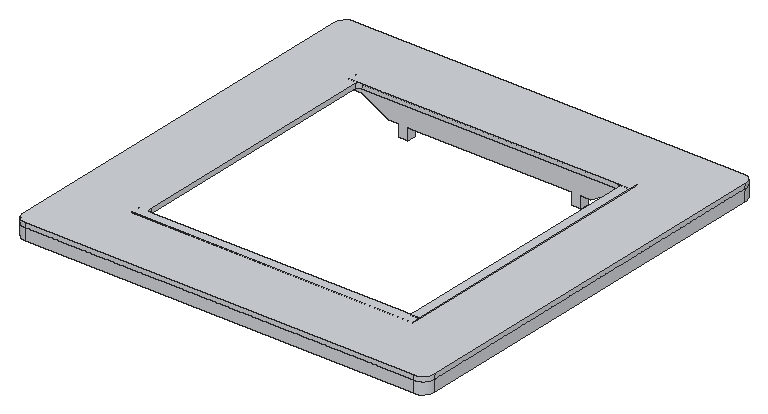
Revit family "Gira_0211255", category Electrical Fixtures, host Face, Revit 2017
Family settings
  Host = Face
  Maintain Annotation Orientation = No
  Round Connector Dimension = Use Diameter
  Part Type = Normal
  Cut with Voids When Loaded = No
  Shared = No
  Room Calculation Point = No
Parameters (values of type "Abdeckrahmen 1f flach Gira E2 F Alu")
  Werkstoffgüte = "Thermoplast"
  Werkstoff = "Kunststoff"
  URL = "http://katalog.gira.de/de_DE/datenblatt.html?artikelnr=0211255"
  Transparent = "No"
  Textfeld/Beschriftungsfläche = "No"
  Schutzart (IP) = "IP20"
  Region = "DE"
  Oberfläche = "sonstige"
  Name = "Abdeckrahmen 1f flach Gira E2 F Alu"
  Montagerichtung = "horizontal und vertikal"
  Mit Montagerahmen = "No"
  Mit Klappdeckel = "No"
  Manufacturer URL = "https://www.gira.de/"
  Keynote = "E2flach_Rahmen_1fach.stp"
  HeinzeBIM = "https://bimportal.heinze.de/bim/abdeckrahmen-1f-flach-gira-e2-f-alu/79ed67f94380177a658d410531412a482989862c"
  Halogenfrei = "Yes"
  HAN = "0211255"
  Geeignet für Unterputz-Installation = "Yes"
  Geeignet für Unterflurkanaldose = "No"
  Geeignet für Geräteeinbaukanal = "No"
  Geeignet für Einbauinstallation = "No"
  GTIN = "4010337021322"
  Farbe = "aluminium"
  Default Elevation = 1219.2 mm
  Data sheet (1) = "https://katalog.gira.de/de_DE/download.html?artikelnr=0211255"
  Category = "Abdeckrahmen"
  Befestigungsart = "Klemmbefestigung"
  Available = "Yes"
  Anzahl der Einheiten vertikal = "1 "
  Anzahl der Einheiten horizontal = "1 "
  Anzahl der Einheiten = "1 "
Reference planes
  plane 1 "Center (Front/Back)": y = 0
  plane 2: z = 0
  plane 3 "Center (Left/Right)": x = 0
Forms (mm)
  Extrusion 1, solid, detail levels fine
    sketch origin (0, 0, 0) x (1, 0, 0) y (0, 1, 0)
      loop
        arc (-41.4, 43.9) -> (-43.168, 43.168) -> (-43.9, 41.4) r 2.5
        line (-43.9, 41.4) -> (-43.9, -41.4)
        arc (-43.9, -41.4) -> (-43.168, -43.168) -> (-41.4, -43.9) r 2.5
        line (-41.4, -43.9) -> (41.4, -43.9)
        arc (41.4, -43.9) -> (43.168, -43.168) -> (43.9, -41.4) r 2.5
        line (43.9, -41.4) -> (43.9, 41.4)
        arc (43.9, 41.4) -> (43.168, 43.168) -> (41.4, 43.9) r 2.5
        line (41.4, 43.9) -> (-41.4, 43.9)
      loop
        spline (-28.144, -27.245) -> (-28.136, -27.363) -> (-28.113, -27.478) -> (-28.075, -27.589) -> (-28.023, -27.695) -> (-27.958, -27.792) -> (-27.881, -27.881) -> (-27.792, -27.958) -> (-27.695, -28.023) -> (-27.589, -28.075) -> (-27.478, -28.113) -> (-27.363, -28.136) -> (-27.245, -28.144)
        line (-27.245, -28.144) -> (27.245, -28.144)
        spline (27.245, -28.144) -> (27.363, -28.136) -> (27.478, -28.113) -> (27.589, -28.075) -> (27.695, -28.023) -> (27.792, -27.958) -> (27.881, -27.881) -> (27.958, -27.792) -> (28.023, -27.695) -> (28.075, -27.589) -> (28.113, -27.478) -> (28.136, -27.363) -> (28.144, -27.245)
        line (28.144, -27.245) -> (28.144, 27.245)
        spline (28.144, 27.245) -> (28.136, 27.363) -> (28.113, 27.478) -> (28.075, 27.589) -> (28.023, 27.695) -> (27.958, 27.792) -> (27.881, 27.881) -> (27.792, 27.958) -> (27.695, 28.023) -> (27.589, 28.075) -> (27.478, 28.113) -> (27.363, 28.136) -> (27.245, 28.144)
        line (27.245, 28.144) -> (-27.245, 28.144)
        spline (-27.245, 28.144) -> (-27.363, 28.136) -> (-27.478, 28.113) -> (-27.589, 28.075) -> (-27.695, 28.023) -> (-27.792, 27.958) -> (-27.881, 27.881) -> (-27.958, 27.792) -> (-28.023, 27.695) -> (-28.075, 27.589) -> (-28.113, 27.478) -> (-28.136, 27.363) -> (-28.144, 27.245)
        line (-28.144, 27.245) -> (-28.144, -27.245)
    from 2.5 to 3.4
  Extrusion 2, solid, detail levels fine
    sketch origin (0, 0, 0) x (1, 0, 0) y (0, 1, 0)
      loop
        arc (-41.4, 43.9) -> (-43.168, 43.168) -> (-43.9, 41.4) r 2.5
        line (-43.9, 41.4) -> (-43.9, -41.4)
        arc (-43.9, -41.4) -> (-43.168, -43.168) -> (-41.4, -43.9) r 2.5
        line (-41.4, -43.9) -> (41.4, -43.9)
        arc (41.4, -43.9) -> (43.168, -43.168) -> (43.9, -41.4) r 2.5
        line (43.9, -41.4) -> (43.9, 41.4)
        arc (43.9, 41.4) -> (43.168, 43.168) -> (41.4, 43.9) r 2.5
        line (41.4, 43.9) -> (-41.4, 43.9)
      loop
        arc (-41.4, 43.4) -> (-42.814, 42.814) -> (-43.4, 41.4) r 2
        line (-43.4, 41.4) -> (-43.4, -41.4)
        arc (-43.4, -41.4) -> (-42.814, -42.814) -> (-41.4, -43.4) r 2
        line (-41.4, -43.4) -> (41.4, -43.4)
        arc (41.4, -43.4) -> (42.814, -42.814) -> (43.4, -41.4) r 2
        line (43.4, -41.4) -> (43.4, 41.4)
        arc (43.4, 41.4) -> (42.814, 42.814) -> (41.4, 43.4) r 2
        line (41.4, 43.4) -> (-41.4, 43.4)
    from 0 to 2.5
  Extrusion 3, solid, detail levels fine
    sketch origin (0, 0, 0) x (1, 0, 0) y (0, 0, 1)
      loop
        line (-17.5, -4.06) -> (-17.5, -1.56) -> (17.5, -1.56) -> (17.5, -4.06) -> (19.5, -4.06) -> (19.5, -1.56) -> (21.654, -1.56) -> (27.214, 1.65) -> (30, 1.65) -> (30, 3.4) -> (-30, 3.4) -> (-30, 1.65) -> (-27.214, 1.65) -> (-21.654, -1.56) -> (-19.5, -1.56) -> (-19.5, -4.06) -> (-17.5, -4.06)
    from 28.144 to 30
  Extrusion 4, solid, detail levels fine
    sketch origin (0, 0, 0) x (0, -1, 0) y (0, 0, -1)
      loop
        line (-17.5, 4.06) -> (-19.5, 4.06) -> (-19.5, 1.56) -> (-21.654, 1.56) -> (-27.214, -1.65) -> (-28.144, -1.65) -> (-28.144, -3.4) -> (28.144, -3.4) -> (28.144, -1.65) -> (27.214, -1.65) -> (21.654, 1.56) -> (19.5, 1.56) -> (19.5, 4.06) -> (17.5, 4.06) -> (17.5, 1.56) -> (-17.5, 1.56) -> (-17.5, 4.06)
    from 28.144 to 30
  Extrusion 5, solid, detail levels medium
    sketch origin (0, 0, 0) x (0, -1, 0) y (0, 0, 1)
      loop
        line (-17.5, -4.06) -> (-17.5, -1.56) -> (17.5, -1.56) -> (17.5, -4.06) -> (19.5, -4.06) -> (19.5, -1.56) -> (28.144, -1.56) -> (28.144, 3.4) -> (-28.144, 3.4) -> (-28.144, -1.56) -> (-19.5, -1.56) -> (-19.5, -4.06) -> (-17.5, -4.06)
    from 28.144 to 30
  Extrusion 6, solid, detail levels fine
    sketch origin (0, 0, 0) x (1, 0, 0) y (0, 0, -1)
      loop
        line (-17.5, 4.06) -> (-19.5, 4.06) -> (-19.5, 1.56) -> (-21.654, 1.56) -> (-27.214, -1.65) -> (-30, -1.65) -> (-30, -3.4) -> (30, -3.4) -> (30, -1.65) -> (27.214, -1.65) -> (21.654, 1.56) -> (19.5, 1.56) -> (19.5, 4.06) -> (17.5, 4.06) -> (17.5, 1.56) -> (-17.5, 1.56) -> (-17.5, 4.06)
    from 28.144 to 30
  Extrusion 7, solid, detail levels coarse
    sketch origin (0, 0, 0) x (1, 0, 0) y (0, 1, 0)
      loop
        line (-43.9, 43.9) -> (-43.9, -43.9) -> (43.9, -43.9) -> (43.9, 43.9) -> (-43.9, 43.9)
    from -4.06 to 3.4
  Extrusion 8, solid, detail levels medium
    sketch origin (0, 0, 0) x (1, 0, 0) y (0, 1, 0)
      loop
        line (-43.9, 43.9) -> (-43.9, -43.9) -> (43.9, -43.9) -> (43.9, 43.9) -> (-43.9, 43.9)
    from 0 to 3.4
  Extrusion 9, solid, detail levels medium
    sketch origin (0, 0, 0) x (1, 0, 0) y (0, 0, 1)
      loop
        line (-17.5, -4.06) -> (-17.5, -1.56) -> (17.5, -1.56) -> (17.5, -4.06) -> (19.5, -4.06) -> (19.5, -1.56) -> (30, -1.56) -> (30, 3.4) -> (-30, 3.4) -> (-30, -1.56) -> (-19.5, -1.56) -> (-19.5, -4.06) -> (-17.5, -4.06)
    from 28.144 to 30
  Extrusion 10, solid, detail levels medium
    sketch origin (0, 0, 0) x (1, 0, 0) y (0, 0, -1)
      loop
        line (-17.5, 4.06) -> (-19.5, 4.06) -> (-19.5, 1.56) -> (-30, 1.56) -> (-30, -3.4) -> (30, -3.4) -> (30, 1.56) -> (19.5, 1.56) -> (19.5, 4.06) -> (17.5, 4.06) -> (17.5, 1.56) -> (-17.5, 1.56) -> (-17.5, 4.06)
    from 28.144 to 30
  Extrusion 11, solid, detail levels medium
    sketch origin (0, 0, 0) x (0, -1, 0) y (0, 0, -1)
      loop
        line (-17.5, 4.06) -> (-19.5, 4.06) -> (-19.5, 1.56) -> (-28.144, 1.56) -> (-28.144, -3.4) -> (28.144, -3.4) -> (28.144, 1.56) -> (19.5, 1.56) -> (19.5, 4.06) -> (17.5, 4.06) -> (17.5, 1.56) -> (-17.5, 1.56) -> (-17.5, 4.06)
    from 28.144 to 30
Lines and regions (mm)
  reference lines
    curve 1: line (0, -43.9, 0) -> (0, 43.9, 0)
Dimensions and locks
  aligned and locked: plane 2 to host face
  aligned and locked: level to host face
